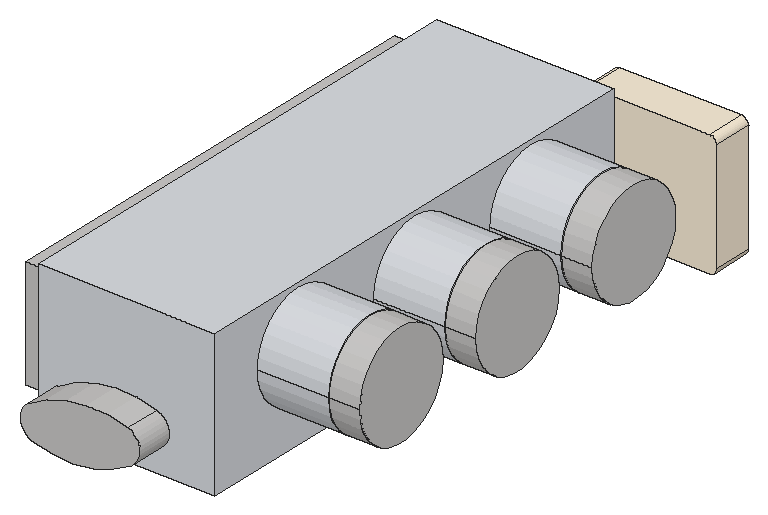
Revit family "HVAC_Ductwork_Airzone_Motorized-Plenum_Generic_Low-Profile_3-Dampers", category Mechanical Equipment, Revit 2016
Family settings
  Part Type = Normal
  Round Connector Dimension = Use Diameter
  OmniClass Number = 23.75.70.14
  OmniClass Title = Air Ductwork
  Work Plane-Based = No
  Always vertical = Yes
  Cut with Voids When Loaded = No
  Shared = No
  Room Calculation Point = No
Parameters (values of type "DAISL01S3")
  Voltage = 230 V
  URL = "www.airzone.es"
  Type Image Comments = "Image available in product documentation download"  # constant formula
  Revit Model Version = "1.0"  # constant formula
  Revit Model Author URL = "www.a3d.es"
  Revit Model Author = "A3D Consulting"  # constant formula
  Product Documentation Download URL = "http://doc.airzone.es/BIM/Easyzone/Daikin-Airzone_motorized_plenum.zip"
  Product Comments = "Refer to technical documentation for further details"  # constant formula
  Power Factor = 1
  Neck Width = 665.200 mm
  Neck Length = 40.000 mm
  Neck Height = 159.800 mm
  Material = Metal - AIRZONE - Galvanized Sheet - Semi-polished
  Main Control Board Material = Plastic - AIRZONE - Smooth - Off-white
  Load Classification = Other
  Insulated Body Width = 255.000 mm  # constant formula
  Insulated Body Material = Metal -AIRZONE - Insulating Lining -Aluminum Finish
  Insulated Body Length = 720.000 mm  # constant formula
  Insulated Body Height = 210.000 mm  # constant formula
  Flow [instance] = Damper 3 Air Flow + Damper 2 Air Flow + Damper 1 Air Flow - Fresh Air Inlet 2 Flow - Fresh Air Inlet 1 Flow  # 900 m³/h
  Fresh Air Inlet 1 Flow [instance] = 0 m³/h
  Fresh Air Inlet 2 Flow [instance] = 0 m³/h
  Fresh Air Inlet Connection Width = 175.000 mm
  Fresh Air Inlet Connection Height = 75.000 mm
  Model = "DAISL01S3"
  Neck Side Offset = 27.400 mm
  Neck Bottom Offset = 27.600 mm
  Type Image = <None>
  Manufacturer = "AIRZONE"  # constant formula
  Main Control Board Depth = 57.000 mm  # constant formula
  Main Control Board Width = 195.000 mm  # constant formula
  Main Control Board Height = 180.000 mm  # constant formula
  Fixing = ""
  Disclaimer = "All information provided in this model is reviewed before being published. However, Airzone cannot guarantee this model is error-free, therefore users are strongly encouraged to check for technical documentation and updates"  # constant formula
  Description = "Airzone low profile motorized plenum with neck that mechanically adapts to the main ducted AC units of Daikin."
  Type Comments = ""
  Dampers Length = 149.000 mm  # constant formula
  Dampers Diameter = 150.000 mm  # constant formula
  Damper 1 Air Flow [instance] = 300 m³/h
  Damper 2 Air Flow [instance] = 300 m³/h
  Damper 3 Air Flow [instance] = 300 m³/h
  Fresh Air Inlet Connection Offset Height = 48.305 mm  # constant formula
  Compatible Accesories = ""
  Apparent Load = 57.5 VA
Reference planes
  plane 1 "Center (Front/Back)": y = 0
  plane 2 "Center (Elevation)": z = 0
  plane 3 "Center (Left/Right)": x = 0
  plane 4 "Neck Back": y = 332.6
  plane 5 "Neck Front": y = -332.6
  plane 6 "Neck Top": z = 79.9
  plane 7 "Neck Bottom": z = -79.9
  plane 8 "Left": x = 40
  plane 9 "Bottom": z = -107.5
  plane 10 "Top": z = 102.5
  plane 11 "Front": y = -360
  plane 12 "Back": y = 360
  plane 13 "Right": x = 295
  plane 14 "Dampers Front": x = 444
  plane 15 "Dampers Center (Elevation)": z = 22.5
  plane 16 "Damper3": y = -210
  plane 17 "Damper2": y = 0
  plane 18 "Damper1": y = 210
  plane 19 "Middle": y = 0
  plane 20 "FreshAir Center (Elevation)": z = -59.195
  plane 21 "FreshAir1": y = 412.5
  plane 22 "FreshAir2": y = -412.5
  plane 23 "Dampers Lining": x = 399
  plane 24 "FreshAir Vertical Axis": x = 142.04
  plane 25 "ConnectionBox Side": x = 249
  plane 26 "Main Control Board Center (Left/Right)": x = 346.5
Forms (mm)
  Extrusion 1, solid, material "Metal - AIRZONE - Galvanized Sheet - Semi-polished" <- "Material"
    sketch origin (0, 0, 0) x (0, 1, 0) y (0, 0, 1)
      loop
        line (-332.6, 79.9) -> (-332.6, -79.9) -> (332.6, -79.9) -> (332.6, 79.9) -> (-332.6, 79.9)
    from 0 to 40
  Extrusion 2, solid, material "Metal -AIRZONE - Insulating Lining -Aluminum Finish" <- "Insulated Body Material"
    sketch origin (40, 0, 0) x (0, 1, 0) y (0, 0, 1)
      loop
        line (-360, 102.5) -> (-360, -107.5) -> (360, -107.5) -> (360, 102.5) -> (-360, 102.5)
    from 0 to 255
  Extrusion 3, solid, material "Metal - AIRZONE - Galvanized Sheet - Semi-polished" <- "Material"
    sketch origin (295, 0, 0) x (0, 1, 0) y (0, 0, 1)
      loop
        circle (-210, 22.5) r 75
    from 104 to 149
  Extrusion 4, solid, material "Metal - AIRZONE - Galvanized Sheet - Semi-polished" <- "Material"
    sketch origin (295, 0, 0) x (0, 1, 0) y (0, 0, 1)
      loop
        circle (0, 22.5) r 75
    from 104 to 149
  Extrusion 5, solid, material "Metal - AIRZONE - Galvanized Sheet - Semi-polished" <- "Material"
    sketch origin (295, 0, 0) x (0, 1, 0) y (0, 0, 1)
      loop
        circle (210, 22.5) r 75
    from 104 to 149
  Extrusion 6, solid, material "Metal - AIRZONE - Galvanized Sheet - Semi-polished" <- "Material"
    sketch origin (0, -360, 0) x (0, 0, 1) y (1, 0, 0)
      loop
        arc (-26.641, 211.414) -> (-48.108, 228.315) -> (-72.812, 216.644) r 25.96
        arc (-72.812, 216.644) -> (-98.802, 146.808) -> (-91.349, 72.666) r 164.67
        arc (-91.349, 72.666) -> (-70.165, 55.799) -> (-45.494, 66.961) r 25.96
        arc (-45.494, 66.961) -> (-19.225, 136.99) -> (-26.641, 211.414) r 164.67
    from 0 to -52.5
  Extrusion 7, solid, material "Metal - AIRZONE - Galvanized Sheet - Semi-polished" <- "Material"
    sketch origin (0, 360, 0) x (0, 0, 1) y (1, 0, 0)
      loop
        arc (-26.641, 211.414) -> (-47.825, 228.281) -> (-72.496, 217.119) r 25.96
        arc (-72.496, 217.119) -> (-98.679, 147.74) -> (-91.767, 73.909) r 164.67
        arc (-91.767, 73.909) -> (-70.532, 55.847) -> (-45.178, 67.436) r 25.96
        arc (-45.178, 67.436) -> (-19.188, 137.272) -> (-26.641, 211.414) r 164.67
    from 0 to 52.5
  Extrusion 8, solid, material "Metal -AIRZONE - Insulating Lining -Aluminum Finish" <- "Insulated Body Material"
    sketch origin (295, 0, 0) x (0, 1, 0) y (0, 0, 1)
      loop
        circle (210, 22.5) r 75
    from 0 to 104
  Extrusion 9, solid, material "Metal -AIRZONE - Insulating Lining -Aluminum Finish" <- "Insulated Body Material"
    sketch origin (295, -260, 0) x (0, 1, 0) y (0, 0, 1)
      loop
        circle (260, 22.5) r 75
    from 0 to 104
  Extrusion 10, solid, material "Metal -AIRZONE - Insulating Lining -Aluminum Finish" <- "Insulated Body Material"
    sketch origin (295, -520, 0) x (0, 1, 0) y (0, 0, 1)
      loop
        circle (310, 22.5) r 75
    from 0 to 104
Lines and regions (mm)
  Masking region 1
    outline origin (0, 0, 0) x (1, 0, 0) y (0, 1, 0)
      loop
        line (40, 360) -> (40, -360) -> (295, -360) -> (295, 360) -> (40, 360)
  Masking region 2, detail levels medium+fine
    outline origin (0, 0, 0) x (1, 0, 0) y (0, 1, 0)
      loop
        line (0, 332.6) -> (0, -332.6) -> (40, -332.6) -> (40, 332.6) -> (0, 332.6)
  Masking region 3, detail levels medium+fine
    outline origin (0, 0, 0) x (1, 0, 0) y (0, 1, 0)
      loop
        line (295, -135) -> (295, -285) -> (444, -285) -> (444, -135) -> (295, -135)
  Masking region 4, detail levels medium+fine
    outline origin (0, 260, 0) x (1, 0, 0) y (0, 1, 0)
      loop
        line (295, -185) -> (295, -335) -> (444, -335) -> (444, -185) -> (295, -185)
  Masking region 5, detail levels medium+fine
    outline origin (0, 520, 0) x (1, 0, 0) y (0, 1, 0)
      loop
        line (295, -235) -> (295, -385) -> (444, -385) -> (444, -235) -> (295, -235)
  Masking region 6, detail levels medium+fine
    outline origin (0, 0, -59.195) x (1, 0, 0) y (0, 1, 0)
      loop
        line (54.54, 412.5) -> (54.54, 360) -> (229.54, 360) -> (229.54, 412.5) -> (54.54, 412.5)
  Masking region 7, detail levels medium+fine
    outline origin (0, 0, -59.195) x (1, 0, 0) y (0, 1, 0)
      loop
        line (54.54, -360) -> (54.54, -412.5) -> (229.54, -412.5) -> (229.54, -360) -> (54.54, -360)
  Masking region 8, detail levels medium+fine
    outline origin (0, 0, 102.5) x (0, -1, 0) y (1, 0, 0)
      loop
        line (-417, 249) -> (-360, 249) -> (-360, 444) -> (-417, 444) -> (-417, 249)
  symbolic lines, detail levels coarse
    curve 1: line (40, -360, 0) -> (295, 0, 0)
    curve 2: line (295, 0, 0) -> (40, 360, 0)
Dimensions and locks
  equal spacing: plane 4 "Neck Back", plane 1 "Center (Front/Back)", plane 5 "Neck Front"
  "Neck Width": plane 4 "Neck Back" to plane 5 "Neck Front"
  equal spacing: plane 6 "Neck Top", level, plane 7 "Neck Bottom"
  "Neck Height": plane 6 "Neck Top" to plane 7 "Neck Bottom"
  "Neck Length": plane 3 "Center (Left/Right)" to plane 8 "Left"
  "Neck Bottom Offset": plane 7 "Neck Bottom" to plane 9 "Bottom"
  "Insulated Body Height": plane 10 "Top" to plane 9 "Bottom"
  "Insulated Body Length": plane 12 "Back" to plane 11 "Front"
  "Insulated Body Width": plane 8 "Left" to plane 13 "Right"
  "Dampers Length": plane 13 "Right" to plane 14 "Dampers Front"
  plane 18 "Damper1" to plane 17 "Damper2" to plane 16 "Damper3" = 210.000 mm locked, 210.000 mm locked
  equal spacing: plane 12 "Back", plane 19 "Middle", plane 11 "Front"
  plane 8 "Left" to plane 13 "Right" = 255.000 mm
  "Fresh Air Inlet Connection Offset Height": plane 20 "FreshAir Center (Elevation)" to plane 9 "Bottom"
  locked: Extrusion 6 sketch curve to plane 9 "Bottom" at 56.47
  locked: Extrusion 6 sketch curve to plane 8 "Left" at 162.52
  locked: Extrusion 6 sketch curve to plane 8 "Left" at 41.56
  locked: Extrusion 6 sketch curve to plane 9 "Bottom" at 40.54
  locked: Extrusion 6 sketch curve to plane 8 "Left" at 118.3
  locked: plane 9 "Bottom" to Extrusion 6 sketch curve at 75.01
  locked: Extrusion 6 sketch curve to plane 8 "Left" at 85.78
  locked: Extrusion 6 sketch curve to plane 9 "Bottom" at 172.02
  locked: Extrusion 7 sketch curve to plane 8 "Left" at 162.52
  locked: Extrusion 7 sketch curve to plane 9 "Bottom" at 56.47
  locked: Extrusion 7 sketch curve to plane 9 "Bottom" at 40.54
  locked: Extrusion 7 sketch curve to plane 8 "Left" at 41.56
  locked: Extrusion 7 sketch curve to plane 8 "Left" at 85.78
  locked: Extrusion 7 sketch curve to plane 9 "Bottom" at 172.02
  locked: plane 9 "Bottom" to Extrusion 7 sketch curve at 75.01
  locked: Extrusion 7 sketch curve to plane 8 "Left" at 118.3
  "Neck Side Offset": plane 12 "Back" to plane 4 "Neck Back"
  equal spacing: plane 12 "Back", plane 17 "Damper2", plane 11 "Front"
  locked: plane 21 "FreshAir1" to plane 12 "Back" at 52.5
  plane 11 "Front" to plane 22 "FreshAir2" = 52.500 mm
  locked: connector elem to plane 24 "FreshAir Vertical Axis"  (x2)
  locked: plane 20 "FreshAir Center (Elevation)" to connector elem at 0
  locked: connector elem to plane 20 "FreshAir Center (Elevation)"
  locked: plane 23 "Dampers Lining" to plane 14 "Dampers Front" at 45
  locked: plane 8 "Left" to plane 24 "FreshAir Vertical Axis" at 102.04
  equal spacing: Masking region 3 sketch curve, plane 16 "Damper3", Masking region 3 sketch curve
  "Dampers Diameter": Masking region 3 sketch curve to Masking region 3 sketch curve
  equal spacing: Masking region 4 sketch curve, plane 17 "Damper2", Masking region 4 sketch curve
  "Dampers Diameter": Masking region 4 sketch curve to Masking region 4 sketch curve
  equal spacing: Masking region 5 sketch curve, plane 18 "Damper1", Masking region 5 sketch curve
  "Dampers Diameter": Masking region 5 sketch curve to Masking region 5 sketch curve
  equal spacing: Masking region 6 sketch curve, plane 24 "FreshAir Vertical Axis", Masking region 6 sketch curve
  "Fresh Air Inlet Connection Width": Masking region 6 sketch curve to Masking region 6 sketch curve
  equal spacing: Masking region 7 sketch curve, plane 24 "FreshAir Vertical Axis", Masking region 7 sketch curve
  "Fresh Air Inlet Connection Width": Masking region 7 sketch curve to Masking region 7 sketch curve
  "Main Control Board Depth": Masking region 8 sketch curve to plane 12 "Back"
  "Main Control Board Width": plane 25 "ConnectionBox Side" to plane 14 "Dampers Front"
  equal spacing: plane 25 "ConnectionBox Side", plane 26 "Main Control Board Center (Left/Right)", plane 14 "Dampers Front"
  locked: nested 1 to plane 10 "Top" at 10
  locked: plane 10 "Top" to plane 15 "Dampers Center (Elevation)" at 80
  "Dampers Diameter": diameter of Extrusion 3 sketch curve
  "Dampers Diameter": diameter of Extrusion 4 sketch curve
  "Dampers Diameter": diameter of Extrusion 5 sketch curve
  radius of Extrusion 7 sketch curve = 164.670 mm  (x2)
  radius of Extrusion 7 sketch curve = 25.960 mm  (x2)
  radius of Extrusion 6 sketch curve = 164.670 mm  (x2)
  radius of Extrusion 6 sketch curve = 25.960 mm  (x2)
  "Dampers Diameter": diameter of Extrusion 8 sketch curve
  "Dampers Diameter": diameter of Extrusion 9 sketch curve
  "Dampers Diameter": diameter of Extrusion 10 sketch curve
  aligned and locked: level to plane 2 "Center (Elevation)"
  aligned and locked: plane 5 "Neck Front" to Extrusion 1 sketch curve
  aligned and locked: Extrusion 1 sketch curve to plane 6 "Neck Top"
  aligned and locked: Extrusion 1 sketch curve to plane 4 "Neck Back"
  aligned and locked: plane 7 "Neck Bottom" to Extrusion 1 sketch curve
  aligned and locked: Extrusion 1 to plane 3 "Center (Left/Right)"
  aligned and locked: Extrusion 2 sketch curve to plane 10 "Top"
  aligned and locked: Extrusion 2 sketch curve to plane 12 "Back"
  aligned and locked: plane 9 "Bottom" to Extrusion 2 sketch curve
  aligned and locked: plane 11 "Front" to Extrusion 2 sketch curve
  aligned and locked: plane 13 "Right" to Extrusion 2
  aligned and locked: Extrusion 2 to plane 8 "Left"
  aligned and locked: plane 16 "Damper3" to Extrusion 3 sketch curve
  aligned and locked: plane 15 "Dampers Center (Elevation)" to Extrusion 3 sketch curve
  aligned and locked: plane 17 "Damper2" to Extrusion 4 sketch curve
  aligned and locked: plane 15 "Dampers Center (Elevation)" to Extrusion 4 sketch curve
  aligned and locked: plane 18 "Damper1" to Extrusion 5 sketch curve
  aligned and locked: plane 15 "Dampers Center (Elevation)" to Extrusion 5 sketch curve
  aligned and locked: plane 14 "Dampers Front" to Extrusion 5
  aligned and locked: plane 14 "Dampers Front" to Extrusion 4
  aligned and locked: plane 14 "Dampers Front" to Extrusion 3
  aligned and locked: plane 8 "Left" to Extrusion 1
  aligned and locked: plane 22 "FreshAir2" to Extrusion 6
  aligned and locked: plane 21 "FreshAir1" to Extrusion 7
  aligned and locked: Extrusion 7 to plane 12 "Back"
  aligned and locked: plane 11 "Front" to Extrusion 6
  aligned and locked: Extrusion 5 to plane 23 "Dampers Lining"
  aligned and locked: Extrusion 5 to Extrusion 4
  aligned and locked: Extrusion 4 to Extrusion 3
  aligned and locked: plane 23 "Dampers Lining" to Extrusion 8
  aligned and locked: Extrusion 10 to plane 13 "Right"
  aligned and locked: plane 23 "Dampers Lining" to Extrusion 10
  aligned and locked: Extrusion 9 to plane 13 "Right"
  aligned and locked: plane 23 "Dampers Lining" to Extrusion 9
  aligned and locked: Extrusion 8 to plane 13 "Right"
  aligned and locked: Extrusion 9 to Extrusion 8
  aligned and locked: plane 18 "Damper1" to Extrusion 8 sketch curve
  aligned and locked: plane 15 "Dampers Center (Elevation)" to Extrusion 8 sketch curve
  aligned and locked: plane 17 "Damper2" to Extrusion 9 sketch curve
  aligned and locked: plane 15 "Dampers Center (Elevation)" to Extrusion 9 sketch curve
  aligned and locked: plane 16 "Damper3" to Extrusion 10 sketch curve
  aligned and locked: plane 15 "Dampers Center (Elevation)" to Extrusion 10 sketch curve
  aligned and locked: Masking region 1 sketch curve to plane 12 "Back"
  aligned and locked: plane 8 "Left" to Masking region 1 sketch curve
  aligned and locked: Masking region 1 sketch curve to plane 13 "Right"
  aligned and locked: plane 11 "Front" to Masking region 1 sketch curve
  aligned and locked: plane 5 "Neck Front" to Masking region 2 sketch curve
  aligned and locked: plane 3 "Center (Left/Right)" to Masking region 2 sketch curve
  aligned and locked: Masking region 2 sketch curve to plane 4 "Neck Back"
  aligned and locked: Masking region 2 sketch curve to plane 8 "Left"
  aligned and locked: plane 13 "Right" to Masking region 3 sketch curve
  aligned and locked: Masking region 3 sketch curve to plane 14 "Dampers Front"
  aligned and locked: plane 13 "Right" to Masking region 4 sketch curve
  aligned and locked: Masking region 4 sketch curve to plane 14 "Dampers Front"
  aligned and locked: plane 13 "Right" to Masking region 5 sketch curve
  aligned and locked: Masking region 5 sketch curve to plane 14 "Dampers Front"
  aligned and locked: plane 12 "Back" to Masking region 6 sketch curve
  aligned and locked: Masking region 6 sketch curve to plane 21 "FreshAir1"
  aligned and locked: Masking region 7 sketch curve to plane 11 "Front"
  aligned and locked: Masking region 7 sketch curve to plane 22 "FreshAir2"
  aligned and locked: plane 12 "Back" to Masking region 8 sketch curve
  aligned and locked: Masking region 8 sketch curve to plane 14 "Dampers Front"
  aligned and locked: plane 25 "ConnectionBox Side" to Masking region 8 sketch curve
  aligned and locked: nested 1 to plane 26 "Main Control Board Center (Left/Right)"
Automatic sketch dimensions
  curve 2 to plane 8 "Left" = 0.000 mm
  curve 1 to plane 8 "Left" = 0.000 mm
  curve 1 to plane 13 "Right" = 0.000 mm
  curve 1 to plane 11 "Front" = 0.000 mm
  curve 2 to plane 17 "Damper2" = 0.000 mm
  curve 2 to plane 12 "Back" = 0.000 mm
Nested families
  nested 1: "Airzone_Main-Control-Board" at (346.5, 360, 2.5) x (-1, 0, 0) z (0, 1, 0), Extrusion <- "Main Control Board Depth", Height <- "Main Control Board Height", Width <- "Main Control Board Width", Material <- "Main Control Board Material", type "Standard"
    with Width 195.000 mm, Material Plastic - AIRZONE - Smooth - Off-white, Height 180.000 mm, Extrusion 57.000 mm
Connectors
  hvac at (444, -210, 22.5), driven by "Damper 3 Air Flow", driven by "Dampers Diameter"
    settings: on Extrusion 3, index 1, duct flow 300 m³/h, flow factor 0, pres drop 0.0 Pa, loss coef 0, conn angle 0.00°, conn width 304.8 mm, conn height 304.8 mm, conn diameter 150 mm, duct sys type 1, conn prof type 0, flow config 0, flow direction 2, loss method 0, conn ref index -1, conn util no, is conn primary no, conn desc "Supply Air Out 3"
  hvac at (444, 0, 22.5), driven by "Damper 2 Air Flow", driven by "Dampers Diameter"
    settings: on Extrusion 4, index 2, duct flow 300 m³/h, flow factor 0, pres drop 0.0 Pa, loss coef 0, conn angle 0.00°, conn width 304.8 mm, conn height 304.8 mm, conn diameter 150 mm, duct sys type 1, conn prof type 0, flow config 0, flow direction 2, loss method 0, conn ref index -1, conn util no, is conn primary no, conn desc "Supply Air Out 2"
  hvac at (444, 210, 22.5), driven by "Damper 1 Air Flow", driven by "Dampers Diameter"
    settings: on Extrusion 5, index 3, duct flow 300 m³/h, flow factor 0, pres drop 0.0 Pa, loss coef 0, conn angle 0.00°, conn width 304.8 mm, conn height 304.8 mm, conn diameter 150 mm, duct sys type 1, conn prof type 0, flow config 0, flow direction 2, loss method 0, conn ref index -1, conn util no, is conn primary no, conn desc "Supply Air Out 1"
  hvac at (0, 0, 0), driven by "Flow", driven by "Neck Height", driven by "Neck Width"
    settings: on Extrusion 1, index 6, duct flow 900 m³/h, flow factor 0, pres drop 0.0 Pa, loss coef 0, conn angle 0.00°, conn width 665.2 mm, conn height 159.8 mm, conn diameter 609.6 mm, duct sys type 1, conn prof type 1, flow config 1, flow direction 1, loss method 0, conn ref index -1, conn util no, is conn primary yes, conn desc "Supply Air In"
  hvac at (142.04, -412.5, -59.195), driven by "Fresh Air Inlet 2 Flow", driven by "Fresh Air Inlet Connection Width", driven by "Fresh Air Inlet Connection Height"
    settings: index 7, duct flow 0 m³/h, flow factor 0, pres drop 0.0 Pa, loss coef 0, conn angle 0.00°, conn width 175 mm, conn height 75 mm, conn diameter 609.6 mm, duct sys type 1, conn prof type 2, flow config 1, flow direction 1, loss method 0, conn ref index -1, conn util no, is conn primary no, conn desc "Fresh Air In 2"
  hvac at (142.04, 412.5, -59.195), driven by "Fresh Air Inlet 1 Flow", driven by "Fresh Air Inlet Connection Height", driven by "Fresh Air Inlet Connection Width"
    settings: index 8, duct flow 0 m³/h, flow factor 0, pres drop 0.0 Pa, loss coef 0, conn angle 0.00°, conn width 175 mm, conn height 75 mm, conn diameter 609.6 mm, duct sys type 1, conn prof type 2, flow config 1, flow direction 1, loss method 0, conn ref index -1, conn util no, is conn primary no, conn desc "Fresh Air In 1"
  electrical at (346.5, 417, 2.5), driven by "Load Classification", driven by "Voltage", driven by "Apparent Load", driven by "Power Factor"
    settings: on nested 1, index 9, voltage 230 V, apparent load 57.5 VA, apparent load phase1 0 VA, apparent load phase2 0 VA, apparent load phase3 0 VA, power factor 1, load classification "Other", number of poles 1, system type 30, power factor state 1, is connector primary yes, connector utility no, sub classification motor no, connector description "Power Supply"
Definition of nested family "Airzone_Main-Control-Board"
  Parameters (values of type "Standard")
    Width [instance] = 195.000 mm
    URL = "www.airzone.es"
    Revit Model Version = "1.0"  # constant formula
    Revit Model Author URL = "www.a3d.es"
    Revit Model Author = "A3D Consulting"  # constant formula
    Material [instance] = none
    Manufacturer = "AIRZONE"  # constant formula
    Height [instance] = 180.000 mm
    Extrusion [instance] = 57.000 mm
    Default Elevation = 0.000 mm
  Reference planes
    plane 1 "Center (Front/Back)": y = 0
    plane 2: z = 0
    plane 3 "Center (Left/Right)": x = 0
    plane 4: y = 90
    plane 5: y = -90
    plane 6: x = 97.5
    plane 7: x = -97.5
  Forms (mm)
    Extrusion 1, solid, material <- "Material"
      sketch origin (0, 0, 0) x (1, 0, 0) y (0, 1, 0)
        loop
          arc (-87.5, 90) -> (-94.571, 87.071) -> (-97.5, 80) r 10
          line (-97.5, 80) -> (-97.5, -80)
          arc (-97.5, -80) -> (-94.571, -87.071) -> (-87.5, -90) r 10
          line (-87.5, -90) -> (87.5, -90)
          arc (87.5, -90) -> (94.571, -87.071) -> (97.5, -80) r 10
          line (97.5, -80) -> (97.5, 80)
          arc (97.5, 80) -> (94.571, 87.071) -> (87.5, 90) r 10
          line (87.5, 90) -> (-87.5, 90)
      from 0 to 57 <- "Extrusion"
  Dimensions and locks
    equal spacing: plane 7, plane 3 "Center (Left/Right)", plane 6
    equal spacing: plane 4, plane 1 "Center (Front/Back)", plane 5
    "Width": plane 7 to plane 6
    "Height": plane 4 to plane 5
    radius of Extrusion 1 sketch curve = 10.000 mm  (x4)
    aligned and locked: level to plane 2
    aligned and locked: plane 5 to Extrusion 1 sketch curve
    aligned and locked: Extrusion 1 sketch curve to plane 6
    aligned and locked: Extrusion 1 sketch curve to plane 4
    aligned and locked: plane 7 to Extrusion 1 sketch curve
